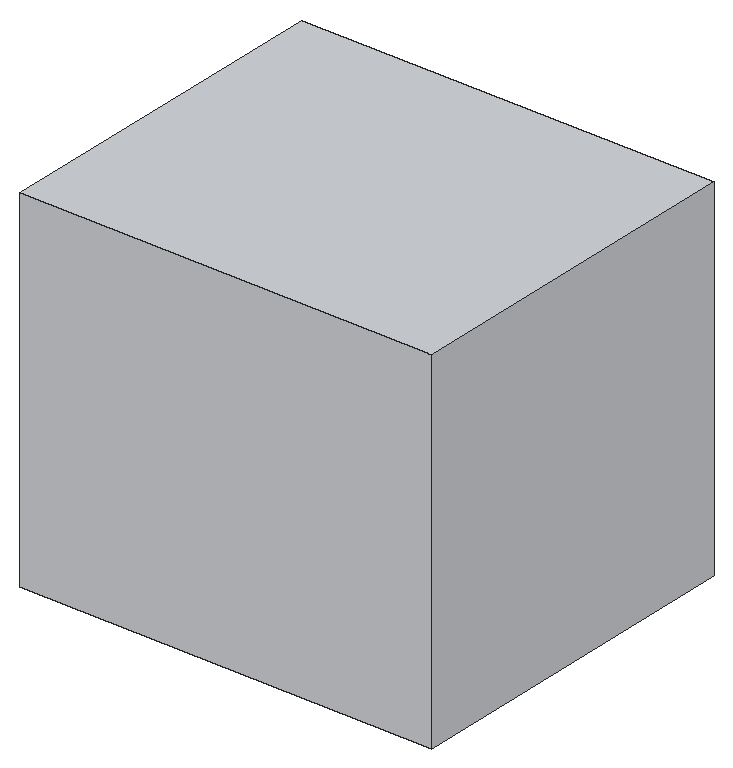
Revit family "CVC_Caisson-VMC_C4", category Equipement de génie climatique, Revit 2026
Family settings
  Cote de connecteur circulaire = Utiliser le diamètre
  Type d'élément = Normal
  Basée sur le plan de construction = Non
  Toujours verticalement = Oui
  Couper avec des vides une fois chargée = Non
  Conserver l'orientation des annotations = Non
  Partagée = Non
  Repère de localisation dans la pièce = Non
Parameters (values of type "C4")
  Source = "CCTP lot 12 § 4.12.2"
  Modèle = "Caisson C4 basse consommation"
  Fabricant = "Non imposée"
  Elévation par défaut = 0 mm
  Description = "Caisson d extraction VMC sanitaires"
  Caractéristiques CCTP = "Centrifuge C4 200 °C 1/2 h, < 35 dB(A) à 1 m, fonctionnement continu"
  A vérifier = "Marque, dimensions et débit à choisir"
Reference planes
  plane 1 "Centre (avant/arrière)": y = 0
  plane 2: z = 0
  plane 3 "Centre (gauche/droite)": x = 0
Forms (mm)
  Extrusion 1, solid
    sketch origin (0, 0, 0) x (1, 0, 0) y (0, 1, 0)
      loop
        line (-350, -300) -> (350, -300) -> (350, 300) -> (-350, 300) -> (-350, -300)
    from 0 to 600
  Extrusion 2, solid
    sketch origin (0, 0, 600) x (1, 0, 0) y (0, 1, 0)
      loop
        line (-300, -125) -> (0, -125) -> (0, 125) -> (-300, 125) -> (-300, -125)
    from 0 to 80
  Extrusion 3, solid
    sketch origin (0, 0, 600) x (1, 0, 0) y (0, 1, 0)
      loop
        line (30, -125) -> (330, -125) -> (330, 125) -> (30, 125) -> (30, -125)
    from 0 to 80
Dimensions and locks
  aligned and locked: level to plane 2
Connectors
  hvac at (-150, 0, 680)
    settings: on Extrusion 2, index 1, duct flow 0.0 L/s, flow factor 0, pres drop 0.0 Pa, loss coef 0, conn angle 0.00°, conn width 300 mm, conn height 250 mm, conn diameter 609.6 mm, duct sys type 3, conn prof type 1, flow config 0, flow direction 0, loss method 0, conn ref index -1, conn util no, is conn primary yes, conn desc "Aspiration"
  hvac at (180, 0, 680)
    settings: on Extrusion 3, index 2, duct flow 0.0 L/s, flow factor 0, pres drop 0.0 Pa, loss coef 0, conn angle 0.00°, conn width 300 mm, conn height 250 mm, conn diameter 609.6 mm, duct sys type 3, conn prof type 1, flow config 0, flow direction 0, loss method 0, conn ref index -1, conn util no, is conn primary no, conn desc "Rejet"
